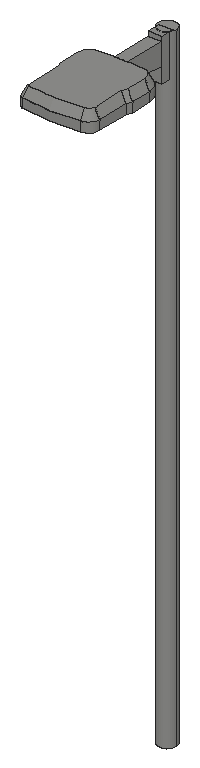
Revit family "VP-1_A_U", category Lighting Fixtures, host Face, Revit 2019
Family settings
  Host = Face
  Round Connector Dimension = Use Diameter
  Part Type = Normal
  OmniClass Number = 23.80.70.11.14.17
  OmniClass Title = Direct/Indirect
  Cut with Voids When Loaded = No
  Light Source = No
  Shared = Yes
  Room Calculation Point = No
Parameters (values of type "VP-1-A3U")
  Wattage Comments = "97.2W"
  Warranty = "Five year warranty"  # constant formula
  Voltage = 120 V
  URL = "https://www.currentlighting.com/beacon"
  Type Comments = "Lighting Fixture"  # constant formula
  Size1 [instance] = SIZE1-A_U : SIZE1-A_U
  Product Page URL = "https://www.currentlighting.com/outdoor-lighting/viper-area-size-1/9606403"
  Product Documentation Link = "https://cdn.currentlighting.com/site/specsheet/BEA_VIPERSPEC.pdf"
  Power Factor = 0.9
  Pole Radius [instance] = Pole Size / 2  # 1.75"
  Pole Height [instance] = 120.00"
  Name = "Viper Area Size 1"  # constant formula
  Mounting Block Size [instance] = Pole Size - 1.00"  # 2.50"
  Model = "VP-1-A3U"
  Matt Grey = MATT GREY
  Matt Black = Matt Black
  Manufacturer = "Current Lighting"  # constant formula
  Load Classification = Lighting
  Light Output = 6297.00 cd/m²
  Lamp = "LED"  # constant formula
  Grey = Grey
  Glass = Glass
  Pole Size [instance] = 3.50"
  Features = "Featuring two different optical technologies, Micro Strike and Strike Optics, which provide the best distribution patterns for retrofit or new construction\r\nVibration rated for high vibration applications including bridges and overpasses\r\nControl options including photo control, occupancy sensing, NX Lighting Controls, wiSCAPE and 7-Pin with networked controls\r\nMounting options include: Arm, Universal Arm, Adjustable Arm, Mast Arm, Decorative Arm, Knuckle, Trunnion, Wall\r\nDistribution options include: Auto Front Row, Type 2, Type 3, Type 4 Forward, Type 4 Wide, Type 5 Narrow, Type 5 Medium, Type 5 Wide, Type 5 Rectangular, Corner Optic, and Tennis Court\r\n\r\n"  # constant formula
  Copyright = "© 2022 Current Lighting"  # constant formula
  Cool Grey = Cool Grey
  Contact Us = "https://www.currentlighting.com/contact-us"
  Certification = "UL"  # constant formula
  Description = "The Viper is an extremely versatile area/site luminaire which blends design, performance, and technology for a variety of applications."  # constant formula
  Default Elevation = 48.00"
  Finish = Arctic White
  Matt White = Matt White
  CRI = "70"  # constant formula
  Brand = "Beacon"  # constant formula
  Assembly Code = "D5020200"
  Apparent Load = 97.2 VA
Types (4): name | Pole Radius | Mounting Block Size | Model | Pole Size
  (no name) | 1.75" | 2.50" | "VP-1-A3U" | 3.50"
  VP-1-A3U | 1.75" | 2.50" | "VP-1-A3U" | 3.50"
  VP-1-A4U | 2.09" | 3.18" | "VP-1-A4U" | 4.18"
  VP-1-A5U | 2.75" | 4.50" | "VP-1-A5U" | 5.50"
Reference planes (in)
  plane 1 "Center (Front/Back)": y = 6.16697
  plane 2: z = 0
  plane 3 "Center (Left/Right)": x = 0
  plane 4: z = 3.75
  plane 5: z = -4.44
  plane 6: x = -1.75
  plane 7: x = 1.75
  plane 8: y = 4.41697
  plane 9: y = 7.91697
  plane 10: z = 120
Forms (in)
  Extrusion 1, solid, material "Cool Grey" <- "Cool Grey"
    sketch origin (0, 0, 0) x (1, 0, 0) y (0, 1, 0)
      loop
        circle (0, 6.16697) r 1.75
    from 0 to 120
Lines and regions (in)
  reference lines
    curve 1: line (0, 14.42606, -3.25) -> (0, 17.42606, -0.25)
    curve 2: line (0, -2.09213, -3.25) -> (0, 14.42606, -3.25)
    curve 3: line (0, -5.09213, -0.25) -> (0, -2.09213, -3.25)
    curve 4: line (0, 14.42606, -3.25) -> (0, 17.42606, -0.25)
    curve 5: line (0, -5.09213, -0.25) -> (0, 17.42606, -0.25)
    curve 6: line (0, 17.17606, -0.77432) -> (0, 17.92606, -0.77432)
    curve 7: line (0, 17.17606, -1.52432) -> (0, 17.17606, -0.77432)
    curve 8: line (0, 16.69614, -1.52432) -> (0, 17.17606, -1.52432)
    curve 9: line (0, 14.92606, -4.25) -> (0, 16.69614, -1.52432)
    curve 10: line (0, -4.3622, -1.52432) -> (0, -2.59213, -4.25)
    curve 11: line (0, -4.84213, -1.52432) -> (0, -4.3622, -1.52432)
    curve 12: line (0, -4.84213, -0.77432) -> (0, -4.84213, -1.52432)
    curve 13: line (0, -5.59213, -0.77432) -> (0, -4.84213, -0.77432)
Dimensions and locks (in)
  plane 4 to plane 2 = 3.75"
  "Pole Size": plane 8 to plane 9
  equal spacing: plane 8, plane 1 "Center (Front/Back)", plane 9
  equal spacing: plane 6, plane 3 "Center (Left/Right)", plane 7
  "Pole Size": plane 6 to plane 7
  "Pole Height": plane 10 to plane 2
  "Pole Radius": radius of Extrusion 1 sketch curve
  aligned and locked: plane 2 to host face
  aligned and locked: level to host face
  aligned and locked: plane 10 to Extrusion 1
  aligned and locked: plane 3 "Center (Left/Right)" to nested 1
  aligned and locked: plane 10 to nested 1
Automatic sketch dimensions
  host sketch curve to host sketch curve = 96.00"
  host sketch curve to host sketch curve = 85.00"
  curve 3 to level = 0.25"
  plane 8 to curve 3 = 9.50909"
  curve 3 to curve 12 = 0.25"
  curve 11 to curve 11 = 0.47992"
  curve 2 to plane 5 = 1.19"
  curve 10 to curve 2 = 2.27008"
  curve 1 to plane 9 = 6.50909"
  curve 9 to level = 1.52432"
  curve 1 to curve 9 = 2.27008"
  curve 8 to curve 8 = 0.47992"
  curve 6 to curve 4 = 0.25"
  curve 10 to curve 3 = 1.27432"
  curve 7 to curve 1 = 0.52432"
  curve 12 to curve 3 = 0.52432"
  curve 13 to curve 3 = 0.50"
  curve 10 to plane 5 = 0.19"
  curve 10 to curve 2 = 0.50"
  curve 9 to plane 5 = 0.19"
  curve 1 to curve 9 = 0.50"
  curve 1 to curve 6 = 0.50"
  plane 1 "Center (Front/Back)" to Extrusion 1 sketch curve = 0.00"
  Extrusion 1 sketch curve to plane 3 "Center (Left/Right)" = 0.00"
Nested families (in)
  nested 1: "SIZE1-A_U" at (0, 4.41697, 117.432) x (1, 0, 0) z (0, -1, 0), type <- "Size1", Mounting Block Width <- "Mounting Block Size", type "SIZE1-A_U"
    with Mounting Block Width 2.50"
Connectors (in)
  electrical at (0, 6.16697, 0), driven by "Power Factor", driven by "Apparent Load", driven by "Voltage"
    settings: on Extrusion 1, index 1, voltage 120 V, apparent load 97.2 VA, apparent load phase1 0 VA, apparent load phase2 0 VA, apparent load phase3 0 VA, power factor 0.9, load classification "Other", number of poles 1, system type 30, power factor state 1, is connector primary yes, connector utility no, sub classification motor no, connector description "Light Fixture"
Definition of nested family "SIZE1-A_U"
  Parameters (values of type "SIZE1-ASQU")
    Width = 14.38"
    Wattage = 97.2 W
    built-in parameter 1150110 = 1 (stored number, unit not read)
    built-in parameter 1114217 = 1 (stored number, unit not read)
    Tilt Angle = 160.00°
    built-in parameter 1150109 = 1 (stored number, unit not read)
    built-in parameter 1150134 = 3
    built-in parameter 1150113 = 1 (stored number, unit not read)
    Photometric Web File = "VP-1-160L-100-3K7-4W-BC.ies"
    Mounting Block Width [instance] = 3.00"
    Mount Length = 8.30"
    built-in parameter 1150105 = 502.77 (stored number, unit not read)
    Lumens = 6318 lm
    built-in parameter 1150115 = 1 (stored number, unit not read)
    built-in parameter 1150137 = (empty or 0)
    built-in parameter 1150139 = (empty or 0)
    Length = 16.76"
    built-in parameter 1150112 = 1 (stored number, unit not read)
    built-in parameter 1150114 = 1 (stored number, unit not read)
    built-in parameter 1150132 = (empty or 0)
    built-in parameter 1150102 = (empty or 0)
    built-in parameter 1150107 = 3200 (stored number, unit not read)
    built-in parameter 1150138 = (empty or 0)
    built-in parameter 1150106 = 5.0277 (stored number, unit not read)
    Glass = none
    Fixture = none
    built-in parameter 1150104 = 6.0387 (stored number, unit not read)
    Dimming Lamp Color Temperature Shift = (empty or 0)
    Default Elevation = 48.00"
    Color Filter = 16777215
    built-in parameter 1114218 = 1 (stored number, unit not read)
    built-in parameter 1150133 = 10 (stored number, unit not read)
  Reference planes (in)
    plane 1 "Center (Front/Back)": y = 0
    plane 2: z = 0
    plane 3 "Center (Left/Right)": x = 0
    plane 4: x = 7.19
    plane 5: x = -7.19
    plane 6: z = 8.3
    plane 7: z = 25.06
    plane 8: y = -1.74
    plane 9: y = 1.74
    plane 10: x = -1.5
    plane 11: x = 1.5
  Forms (in)
    Extrusion 1, solid
      sketch origin (0, 0, 0) x (1, 0, 0) y (0, 1, 0)
        loop
          line (-48, 48) -> (-48, -48) -> (48, -48) -> (48, 48) -> (-48, 48)
      from 0 to -12
    Extrusion 2, solid, material <- "Fixture"
      sketch origin (0, 0, 0) x (1, 0, 0) y (0, 0, 1)
        loop
          line (-6.90972, 16.52202) -> (-7.315, 15.47799) -> (-7.315, 11.44521)
          arc (-7.315, 11.44521) -> (-6.65907, 9.48733) -> (-4.95604, 8.31974) r 3.25
          arc (-4.95604, 8.31974) -> (0, 7.81429) -> (4.95604, 8.31974) r 24.55009
          arc (4.95604, 8.31974) -> (6.65907, 9.48733) -> (7.315, 11.44521) r 3.25
          line (7.315, 11.44521) -> (7.315, 15.47799) -> (6.8775, 16.60502) -> (6.8775, 22.64879)
          arc (6.8775, 22.64879) -> (6.32022, 24.03392) -> (4.95893, 24.64714) r 2
          arc (4.95893, 24.64714) -> (-0.50555, 25.00726) -> (-5.96128, 24.53274) r 35.92956
          arc (-5.96128, 24.53274) -> (-6.64447, 24.08958) -> (-6.90972, 23.31966) r 1.25
          line (-6.90972, 23.31966) -> (-6.90972, 16.52202)
      from 0 to 1.74
    Extrusion 3, solid, material <- "Fixture"
      sketch origin (0, 0, 0) x (0, 1, 0) y (0, 0, 1)
        loop
          line (1.74, 8.93918) -> (-1.6273, 8.93918) -> (-2.86955, -1.406) -> (1.74, -1.406) -> (1.74, 8.93918)
      from -1.24 to 1.24
    Extrusion 4, void
      sketch origin (0, 0, 0) x (1, 0, 0) y (0, 0, 1)
        loop
          arc (-5.91108, 15.93931) -> (0.07703, 16.26105) -> (6.065, 15.93674) r 55.66285
          line (6.065, 15.93674) -> (6.065, 22.74182) -> (-5.91108, 22.74182) -> (-5.91108, 15.93931)
      from 1 to 1.75
    Extrusion 5, solid, material <- "Glass"
      sketch origin (0, 0, -0.25) x (1, 0, 0) y (0, 0, 1)
        loop
          arc (-5.06487, 22.74182) -> (-5.31236, 22.63931) -> (-5.41487, 22.39182) r 0.35
          line (-5.41487, 22.39182) -> (-5.41487, 17.34182)
          arc (-5.41487, 17.34182) -> (-5.31236, 17.09434) -> (-5.06487, 16.99182) r 0.35
          line (-5.06487, 16.99182) -> (5.11803, 16.99182)
          arc (5.11803, 16.99182) -> (5.36552, 17.09434) -> (5.46803, 17.34182) r 0.35
          line (5.46803, 17.34182) -> (5.46803, 22.39182)
          arc (5.46803, 22.39182) -> (5.36552, 22.63931) -> (5.11803, 22.74182) r 0.35
          line (5.11803, 22.74182) -> (-5.06487, 22.74182)
      from 1 to 1.35
    Extrusion 6, solid, material <- "Glass"
      sketch origin (0, 0, -0.25) x (1, 0, 0) y (0, 0, 1)
        loop
          circle (-4.85829, 21.91694) r 0.15
        loop
          circle (-4.33955, 21.91694) r 0.15
        loop
          circle (-3.8208, 21.91694) r 0.15
        loop
          circle (-3.30205, 21.91694) r 0.15
        loop
          circle (-2.7833, 21.91694) r 0.15
        loop
          circle (-2.26455, 21.91694) r 0.15
        loop
          circle (-1.7458, 21.91694) r 0.15
        loop
          circle (-1.22705, 21.91694) r 0.15
        loop
          circle (-0.70831, 21.91694) r 0.15
        loop
          circle (-4.85829, 21.41694) r 0.15
        loop
          circle (-4.33955, 21.41694) r 0.15
        loop
          circle (-3.8208, 21.41694) r 0.15
        loop
          circle (-3.30205, 21.41694) r 0.15
        loop
          circle (-2.7833, 21.41694) r 0.15
        loop
          circle (-2.26455, 21.41694) r 0.15
        loop
          circle (-1.7458, 21.41694) r 0.15
        loop
          circle (-1.22705, 21.41694) r 0.15
        loop
          circle (-0.70831, 21.41694) r 0.15
        loop
          circle (-4.85829, 20.91694) r 0.15
        loop
          circle (-4.33955, 20.91694) r 0.15
        loop
          circle (-3.8208, 20.91694) r 0.15
        loop
          circle (-3.30205, 20.91694) r 0.15
        loop
          circle (-2.7833, 20.91694) r 0.15
        loop
          circle (-2.26455, 20.91694) r 0.15
        loop
          circle (-1.7458, 20.91694) r 0.15
        loop
          circle (-1.22705, 20.91694) r 0.15
        loop
          circle (-0.70831, 20.91694) r 0.15
        loop
          circle (-4.85829, 20.41694) r 0.15
        loop
          circle (-4.33955, 20.41694) r 0.15
        loop
          circle (-3.8208, 20.41694) r 0.15
        loop
          circle (-3.30205, 20.41694) r 0.15
        loop
          circle (-2.7833, 20.41694) r 0.15
        loop
          circle (-2.26455, 20.41694) r 0.15
        loop
          circle (-1.7458, 20.41694) r 0.15
        loop
          circle (-1.22705, 20.41694) r 0.15
        loop
          circle (-0.70831, 20.41694) r 0.15
        loop
          circle (-4.85829, 19.91694) r 0.15
        loop
          circle (-4.33955, 19.91694) r 0.15
        loop
          circle (-3.8208, 19.91694) r 0.15
        loop
          circle (-3.30205, 19.91694) r 0.15
        loop
          circle (-2.7833, 19.91694) r 0.15
        loop
          circle (-2.26455, 19.91694) r 0.15
        loop
          circle (-1.7458, 19.91694) r 0.15
        loop
          circle (-1.22705, 19.91694) r 0.15
        loop
          circle (-0.70831, 19.91694) r 0.15
        loop
          circle (-4.85829, 19.41694) r 0.15
        loop
          circle (-4.33955, 19.41694) r 0.15
        loop
          circle (-3.8208, 19.41694) r 0.15
        loop
          circle (-3.30205, 19.41694) r 0.15
        loop
          circle (-2.7833, 19.41694) r 0.15
        loop
          circle (-2.26455, 19.41694) r 0.15
        loop
          circle (-1.7458, 19.41694) r 0.15
        loop
          circle (-1.22705, 19.41694) r 0.15
        loop
          circle (-0.70831, 19.41694) r 0.15
        loop
          circle (-4.85829, 18.91694) r 0.15
        loop
          circle (-4.33955, 18.91694) r 0.15
        loop
          circle (-3.8208, 18.91694) r 0.15
        loop
          circle (-3.30205, 18.91694) r 0.15
        loop
          circle (-2.7833, 18.91694) r 0.15
        loop
          circle (-2.26455, 18.91694) r 0.15
        loop
          circle (-1.7458, 18.91694) r 0.15
        loop
          circle (-1.22705, 18.91694) r 0.15
        loop
          circle (-0.70831, 18.91694) r 0.15
        loop
          circle (-4.85829, 18.41694) r 0.15
        loop
          circle (-4.33955, 18.41694) r 0.15
        loop
          circle (-3.8208, 18.41694) r 0.15
        loop
          circle (-3.30205, 18.41694) r 0.15
        loop
          circle (-2.7833, 18.41694) r 0.15
        loop
          circle (-2.26455, 18.41694) r 0.15
        loop
          circle (-1.7458, 18.41694) r 0.15
        loop
          circle (-1.22705, 18.41694) r 0.15
        loop
          circle (-0.70831, 18.41694) r 0.15
        loop
          circle (-4.85829, 17.91694) r 0.15
        loop
          circle (-4.33955, 17.91694) r 0.15
        loop
          circle (-3.8208, 17.91694) r 0.15
        loop
          circle (-3.30205, 17.91694) r 0.15
        loop
          circle (-2.7833, 17.91694) r 0.15
        loop
          circle (-2.26455, 17.91694) r 0.15
        loop
          circle (-1.7458, 17.91694) r 0.15
        loop
          circle (-1.22705, 17.91694) r 0.15
        loop
          circle (-0.70831, 17.91694) r 0.15
      from 1.35 to 1.4
    Extrusion 7, solid, material <- "Glass"
      sketch origin (0, 0, -0.25) x (-1, 0, 0) y (0, 0, -1)
        loop
          circle (-4.85829, -21.91694) r 0.15
        loop
          circle (-4.33955, -21.91694) r 0.15
        loop
          circle (-3.8208, -21.91694) r 0.15
        loop
          circle (-3.30205, -21.91694) r 0.15
        loop
          circle (-2.7833, -21.91694) r 0.15
        loop
          circle (-2.26455, -21.91694) r 0.15
        loop
          circle (-1.7458, -21.91694) r 0.15
        loop
          circle (-1.22705, -21.91694) r 0.15
        loop
          circle (-0.70831, -21.91694) r 0.15
        loop
          circle (-4.85829, -21.41694) r 0.15
        loop
          circle (-4.33955, -21.41694) r 0.15
        loop
          circle (-3.8208, -21.41694) r 0.15
        loop
          circle (-3.30205, -21.41694) r 0.15
        loop
          circle (-2.7833, -21.41694) r 0.15
        loop
          circle (-2.26455, -21.41694) r 0.15
        loop
          circle (-1.7458, -21.41694) r 0.15
        loop
          circle (-1.22705, -21.41694) r 0.15
        loop
          circle (-0.70831, -21.41694) r 0.15
        loop
          circle (-4.85829, -20.91694) r 0.15
        loop
          circle (-4.33955, -20.91694) r 0.15
        loop
          circle (-3.8208, -20.91694) r 0.15
        loop
          circle (-3.30205, -20.91694) r 0.15
        loop
          circle (-2.7833, -20.91694) r 0.15
        loop
          circle (-2.26455, -20.91694) r 0.15
        loop
          circle (-1.7458, -20.91694) r 0.15
        loop
          circle (-1.22705, -20.91694) r 0.15
        loop
          circle (-0.70831, -20.91694) r 0.15
        loop
          circle (-4.85829, -20.41694) r 0.15
        loop
          circle (-4.33955, -20.41694) r 0.15
        loop
          circle (-3.8208, -20.41694) r 0.15
        loop
          circle (-3.30205, -20.41694) r 0.15
        loop
          circle (-2.7833, -20.41694) r 0.15
        loop
          circle (-2.26455, -20.41694) r 0.15
        loop
          circle (-1.7458, -20.41694) r 0.15
        loop
          circle (-1.22705, -20.41694) r 0.15
        loop
          circle (-0.70831, -20.41694) r 0.15
        loop
          circle (-4.85829, -19.91694) r 0.15
        loop
          circle (-4.33955, -19.91694) r 0.15
        loop
          circle (-3.8208, -19.91694) r 0.15
        loop
          circle (-3.30205, -19.91694) r 0.15
        loop
          circle (-2.7833, -19.91694) r 0.15
        loop
          circle (-2.26455, -19.91694) r 0.15
        loop
          circle (-1.7458, -19.91694) r 0.15
        loop
          circle (-1.22705, -19.91694) r 0.15
        loop
          circle (-0.70831, -19.91694) r 0.15
        loop
          circle (-4.85829, -19.41694) r 0.15
        loop
          circle (-4.33955, -19.41694) r 0.15
        loop
          circle (-3.8208, -19.41694) r 0.15
        loop
          circle (-3.30205, -19.41694) r 0.15
        loop
          circle (-2.7833, -19.41694) r 0.15
        loop
          circle (-2.26455, -19.41694) r 0.15
        loop
          circle (-1.7458, -19.41694) r 0.15
        loop
          circle (-1.22705, -19.41694) r 0.15
        loop
          circle (-0.70831, -19.41694) r 0.15
        loop
          circle (-4.85829, -18.91694) r 0.15
        loop
          circle (-4.33955, -18.91694) r 0.15
        loop
          circle (-3.8208, -18.91694) r 0.15
        loop
          circle (-3.30205, -18.91694) r 0.15
        loop
          circle (-2.7833, -18.91694) r 0.15
        loop
          circle (-2.26455, -18.91694) r 0.15
        loop
          circle (-1.7458, -18.91694) r 0.15
        loop
          circle (-1.22705, -18.91694) r 0.15
        loop
          circle (-0.70831, -18.91694) r 0.15
        loop
          circle (-4.85829, -18.41694) r 0.15
        loop
          circle (-4.33955, -18.41694) r 0.15
        loop
          circle (-3.8208, -18.41694) r 0.15
        loop
          circle (-3.30205, -18.41694) r 0.15
        loop
          circle (-2.7833, -18.41694) r 0.15
        loop
          circle (-2.26455, -18.41694) r 0.15
        loop
          circle (-1.7458, -18.41694) r 0.15
        loop
          circle (-1.22705, -18.41694) r 0.15
        loop
          circle (-0.70831, -18.41694) r 0.15
        loop
          circle (-4.85829, -17.91694) r 0.15
        loop
          circle (-4.33955, -17.91694) r 0.15
        loop
          circle (-3.8208, -17.91694) r 0.15
        loop
          circle (-3.30205, -17.91694) r 0.15
        loop
          circle (-2.7833, -17.91694) r 0.15
        loop
          circle (-2.26455, -17.91694) r 0.15
        loop
          circle (-1.7458, -17.91694) r 0.15
        loop
          circle (-1.22705, -17.91694) r 0.15
        loop
          circle (-0.70831, -17.91694) r 0.15
      from 1.35 to 1.4
    Extrusion 8, solid, material <- "Glass"
      sketch origin (0, 0, -0.25) x (1, 0, 0) y (0, 0, 1)
        loop
          arc (-5.04655, 22.4209) -> (-5.22333, 22.34768) -> (-5.29655, 22.1709) r 0.25
          line (-5.29655, 22.1709) -> (-5.29655, 17.6709)
          arc (-5.29655, 17.6709) -> (-5.22333, 17.49412) -> (-5.04655, 17.4209) r 0.25
          line (-5.04655, 17.4209) -> (-0.54655, 17.4209)
          arc (-0.54655, 17.4209) -> (-0.36977, 17.49412) -> (-0.29655, 17.6709) r 0.25
          line (-0.29655, 17.6709) -> (-0.29655, 22.1709)
          arc (-0.29655, 22.1709) -> (-0.36977, 22.34768) -> (-0.54655, 22.4209) r 0.25
          line (-0.54655, 22.4209) -> (-5.04655, 22.4209)
      from 1.35 to 1.37213
    Extrusion 9, solid, material <- "Glass"
      sketch origin (0, 0, -0.25) x (-1, 0, 0) y (0, 0, -1)
        loop
          line (-5.04655, -22.4209) -> (-0.54655, -22.4209)
          arc (-0.54655, -22.4209) -> (-0.36977, -22.34768) -> (-0.29655, -22.1709) r 0.25
          line (-0.29655, -22.1709) -> (-0.29655, -17.6709)
          arc (-0.29655, -17.6709) -> (-0.36977, -17.49412) -> (-0.54655, -17.4209) r 0.25
          line (-0.54655, -17.4209) -> (-5.04655, -17.4209)
          arc (-5.04655, -17.4209) -> (-5.22333, -17.49412) -> (-5.29655, -17.6709) r 0.25
          line (-5.29655, -17.6709) -> (-5.29655, -22.1709)
          arc (-5.29655, -22.1709) -> (-5.22333, -22.34768) -> (-5.04655, -22.4209) r 0.25
      from 1.35 to 1.37213
    Extrusion 10, solid, material <- "Fixture"
      sketch origin (0.125, 0, 2.75) x (1, 0, 0) y (0, 1, 0)
        loop
          line (5.34818, -1) -> (5.34818, -1.20146)
          arc (5.34818, -1.20146) -> (5.35492, -1.23973) -> (5.37436, -1.27339) r 0.1119
          line (5.37436, -1.27339) -> (5.73492, -1.70309)
          arc (5.73492, -1.70309) -> (5.76289, -1.72455) -> (5.79732, -1.73219) r 0.08147
          line (5.79732, -1.73219) -> (5.94, -1.73219) -> (5.94, -1) -> (5.34818, -1)
      from 18.55 to 18.65
    Extrusion 11, solid, material <- "Fixture"
      sketch origin (0.125, 0, 1.84761) x (1, 0, 0) y (0, 1, 0)
        loop
          line (5.34818, -1) -> (5.34818, -1.20146)
          arc (5.34818, -1.20146) -> (5.35492, -1.23973) -> (5.37436, -1.27339) r 0.1119
          line (5.37436, -1.27339) -> (5.73492, -1.70309)
          arc (5.73492, -1.70309) -> (5.76289, -1.72455) -> (5.79732, -1.73219) r 0.08147
          line (5.79732, -1.73219) -> (5.94, -1.73219) -> (5.94, -1) -> (5.34818, -1)
      from 18.55 to 18.65
    Extrusion 12, solid, material <- "Fixture"
      sketch origin (0.125, 0, 0.95579) x (1, 0, 0) y (0, 1, 0)
        loop
          line (5.34818, -1) -> (5.34818, -1.20146)
          arc (5.34818, -1.20146) -> (5.35492, -1.23973) -> (5.37436, -1.27339) r 0.1119
          line (5.37436, -1.27339) -> (5.73492, -1.70309)
          arc (5.73492, -1.70309) -> (5.76289, -1.72455) -> (5.79732, -1.73219) r 0.08147
          line (5.79732, -1.73219) -> (5.94, -1.73219) -> (5.94, -1) -> (5.34818, -1)
      from 18.55 to 18.65
    Extrusion 13, solid, material <- "Fixture"
      sketch origin (0.125, 0, 0.06397) x (1, 0, 0) y (0, 1, 0)
        loop
          line (5.34818, -1) -> (5.34818, -1.20146)
          arc (5.34818, -1.20146) -> (5.35492, -1.23973) -> (5.37436, -1.27339) r 0.1119
          line (5.37436, -1.27339) -> (5.73492, -1.70309)
          arc (5.73492, -1.70309) -> (5.76289, -1.72455) -> (5.79732, -1.73219) r 0.08147
          line (5.79732, -1.73219) -> (5.94, -1.73219) -> (5.94, -1) -> (5.34818, -1)
      from 18.55 to 18.65
    Extrusion 14, solid, material <- "Fixture"
      sketch origin (0.125, 0, -0.82681) x (1, 0, 0) y (0, 1, 0)
        loop
          line (5.34818, -1) -> (5.34818, -1.20146)
          arc (5.34818, -1.20146) -> (5.35492, -1.23973) -> (5.37436, -1.27339) r 0.1119
          line (5.37436, -1.27339) -> (5.73492, -1.70309)
          arc (5.73492, -1.70309) -> (5.76289, -1.72455) -> (5.79732, -1.73219) r 0.08147
          line (5.79732, -1.73219) -> (5.94, -1.73219) -> (5.94, -1) -> (5.34818, -1)
      from 18.55 to 18.65
    Extrusion 15, solid, material <- "Fixture"
      sketch origin (0, 0, 2.75) x (-1, 0, 0) y (0, -1, 0)
        loop
          line (5.34818, 1) -> (5.94, 1) -> (5.94, 1.73219) -> (5.79732, 1.73219)
          arc (5.79732, 1.73219) -> (5.76289, 1.72455) -> (5.73492, 1.70309) r 0.08147
          line (5.73492, 1.70309) -> (5.37436, 1.27339)
          arc (5.37436, 1.27339) -> (5.35492, 1.23973) -> (5.34818, 1.20146) r 0.1119
          line (5.34818, 1.20146) -> (5.34818, 1)
      from 18.55 to 18.65
    Extrusion 16, solid, material <- "Fixture"
      sketch origin (0, 0, 1.84761) x (-1, 0, 0) y (0, -1, 0)
        loop
          line (5.34818, 1) -> (5.94, 1) -> (5.94, 1.73219) -> (5.79732, 1.73219)
          arc (5.79732, 1.73219) -> (5.76289, 1.72455) -> (5.73492, 1.70309) r 0.08147
          line (5.73492, 1.70309) -> (5.37436, 1.27339)
          arc (5.37436, 1.27339) -> (5.35492, 1.23973) -> (5.34818, 1.20146) r 0.1119
          line (5.34818, 1.20146) -> (5.34818, 1)
      from 18.55 to 18.65
    Extrusion 17, solid, material <- "Fixture"
      sketch origin (0, 0, 0.95579) x (-1, 0, 0) y (0, -1, 0)
        loop
          line (5.34818, 1) -> (5.94, 1) -> (5.94, 1.73219) -> (5.79732, 1.73219)
          arc (5.79732, 1.73219) -> (5.76289, 1.72455) -> (5.73492, 1.70309) r 0.08147
          line (5.73492, 1.70309) -> (5.37436, 1.27339)
          arc (5.37436, 1.27339) -> (5.35492, 1.23973) -> (5.34818, 1.20146) r 0.1119
          line (5.34818, 1.20146) -> (5.34818, 1)
      from 18.55 to 18.65
    Extrusion 18, solid, material <- "Fixture"
      sketch origin (0, 0, 0.06397) x (-1, 0, 0) y (0, -1, 0)
        loop
          line (5.34818, 1) -> (5.94, 1) -> (5.94, 1.73219) -> (5.79732, 1.73219)
          arc (5.79732, 1.73219) -> (5.76289, 1.72455) -> (5.73492, 1.70309) r 0.08147
          line (5.73492, 1.70309) -> (5.37436, 1.27339)
          arc (5.37436, 1.27339) -> (5.35492, 1.23973) -> (5.34818, 1.20146) r 0.1119
          line (5.34818, 1.20146) -> (5.34818, 1)
      from 18.55 to 18.65
    Extrusion 19, solid, material <- "Fixture"
      sketch origin (0, 0, -0.82681) x (-1, 0, 0) y (0, -1, 0)
        loop
          line (5.34818, 1) -> (5.94, 1) -> (5.94, 1.73219) -> (5.79732, 1.73219)
          arc (5.79732, 1.73219) -> (5.76289, 1.72455) -> (5.73492, 1.70309) r 0.08147
          line (5.73492, 1.70309) -> (5.37436, 1.27339)
          arc (5.37436, 1.27339) -> (5.35492, 1.23973) -> (5.34818, 1.20146) r 0.1119
          line (5.34818, 1.20146) -> (5.34818, 1)
      from 18.55 to 18.65
    Extrusion 20, void
      sketch origin (0.16486, 0, 5.1993) x (1, 0, 0) y (0, 0, 1)
        loop
          line (-5.94707, 9.88637) -> (-5.94707, 8.88637)
          arc (-5.94707, 8.88637) -> (-0.00354, 7.88584) -> (5.94, 8.88637) r 18.15382
          line (5.94, 8.88637) -> (5.94, 9.88637)
          arc (5.94, 9.88637) -> (-0.00354, 8.88584) -> (-5.94707, 9.88637) r 18.15382
        loop
          line (-5.85535, 7.87828) -> (-5.85535, 7.60486)
          arc (-5.85535, 7.60486) -> (0.0002, 6.63584) -> (5.85535, 7.60727) r 18.15382
          line (5.85535, 7.60727) -> (5.85535, 7.88068)
          arc (5.85535, 7.88068) -> (0.0002, 6.91466) -> (-5.85535, 7.87828) r 18.25
        loop
          line (-5.85535, 7.12828) -> (-5.85535, 6.85486)
          arc (-5.85535, 6.85486) -> (0.0002, 5.88584) -> (5.85535, 6.85727) r 18.15382
          line (5.85535, 6.85727) -> (5.85535, 7.13068)
          arc (5.85535, 7.13068) -> (0.0002, 6.16466) -> (-5.85535, 7.12828) r 18.25
      from 1 to 1.75
    Blend 21, solid, material <- "Fixture"
      base sketch origin (0, 0, 0) x (1, 0, 0) y (0, 0, 1)
        loop
          arc (6.8775, 22.64879) -> (6.31798, 24.03624) -> (4.95249, 24.64739) r 2
          arc (4.95249, 24.64739) -> (-0.51269, 25.00653) -> (-5.96896, 24.53081) r 35.9289
          arc (-5.96896, 24.53081) -> (-6.6469, 24.08646) -> (-6.90972, 23.31966) r 1.25
          line (-6.90972, 23.31966) -> (-6.90972, 16.52202) -> (-7.315, 15.47799) -> (-7.315, 11.44521)
          arc (-7.315, 11.44521) -> (-6.65907, 9.48733) -> (-4.95604, 8.31974) r 3.25
          arc (-4.95604, 8.31974) -> (0, 7.81429) -> (4.95604, 8.31974) r 24.55009
          arc (4.95604, 8.31974) -> (6.65907, 9.48733) -> (7.315, 11.44521) r 3.25
          line (7.315, 11.44521) -> (7.315, 15.47799) -> (6.8775, 16.60502) -> (6.8775, 22.64879)
      top sketch origin (0, 0, 0) x (1, 0, 0) y (0, 0, 1)
        loop
          arc (5.8775, 22.64879) -> (5.59173, 23.34871) -> (4.89775, 23.64859) r 1
          arc (4.89775, 23.64859) -> (-0.41657, 24.011) -> (-5.72421, 23.5612) r 34.93251
          arc (-5.72421, 23.5612) -> (-5.85799, 23.47194) -> (-5.90972, 23.31966) r 0.25
          line (-5.90972, 23.31966) -> (-5.90972, 16.33474) -> (-6.315, 15.29071) -> (-6.315, 11.44521)
          arc (-6.315, 11.44521) -> (-5.87115, 10.10345) -> (-4.71471, 9.29106) r 2.25
          arc (-4.71471, 9.29106) -> (0, 8.81429) -> (4.71471, 9.29106) r 23.55009
          arc (4.71471, 9.29106) -> (5.87115, 10.10345) -> (6.315, 11.44521) r 2.25
          line (6.315, 11.44521) -> (6.315, 15.29071) -> (5.8775, 16.41774) -> (5.8775, 22.64879)
      from 0 to -1.74
    Extrusion 22, solid, material <- "Fixture"
      sketch origin (0, 0, 0) x (1, 0, 0) y (0, 1, 0)
        loop
          line (-1.5, 2.568) -> (-1.5, -5.432) -> (1.5, -5.432) -> (1.5, 2.568) -> (-1.5, 2.568)
      from -1.406 to 1.12478
  Cuts and joins
    Extrusion 4, Extrusion 20 cuts Extrusion 2
    Extrusion 4, Extrusion 20 cuts Extrusion 3
    joined: Extrusion 2, Extrusion 3
  Dimensions and locks (in)
    equal spacing: plane 4, plane 3 "Center (Left/Right)", plane 5
    "Width": plane 4 to plane 5
    "Length": plane 7 to plane 6
    "Mount Length": plane 6 to plane 2
    equal spacing: plane 10, plane 3 "Center (Left/Right)", plane 11
    "Mounting Block Width": plane 10 to plane 11
    aligned and locked: plane 2 to Extrusion 1
    aligned and locked: level to Extrusion 1
    aligned and locked: Extrusion 22 to plane 10
    aligned and locked: plane 11 to Extrusion 22
  Automatic sketch dimensions
    Extrusion 1 sketch curve to Extrusion 1 sketch curve = 96.00"  (x2)
    Extrusion 2 sketch curve to plane 3 "Center (Left/Right)" = 0.00"
    Extrusion 2 sketch curve to plane 3 "Center (Left/Right)" = 0.12919"
    plane 5 to Extrusion 2 sketch curve = 3.125"
    plane 5 to Extrusion 2 sketch curve = 1.53028"
    plane 5 to Extrusion 2 sketch curve = 0.28028"
    Extrusion 2 sketch curve to plane 5 = 0.125"
    Extrusion 2 sketch curve to plane 4 = 3.125"
    Extrusion 2 sketch curve to plane 4 = 2.3125"
    Extrusion 2 sketch curve to plane 4 = 0.3125"
    plane 4 to Extrusion 2 sketch curve = 0.125"
    Extrusion 2 sketch curve to level = 10.92033"
    plane 6 to Extrusion 2 sketch curve = 3.14521"
    Extrusion 2 sketch curve to Extrusion 2 sketch curve = 0.00"
    Extrusion 2 sketch curve to Extrusion 2 sketch curve = 4.03278"  (x2)
    Extrusion 2 sketch curve to Extrusion 2 sketch curve = 1.04403"
    Extrusion 2 sketch curve to Extrusion 2 sketch curve = 1.12703"
    Extrusion 2 sketch curve to plane 7 = 2.41121"
    Extrusion 2 sketch curve to Extrusion 2 sketch curve = 6.79764"
    plane 7 to Extrusion 2 sketch curve = 7.30438"
    plane 6 to Extrusion 2 sketch curve = 0.01974"
    Extrusion 2 sketch curve to plane 7 = 0.52726"
    Extrusion 3 sketch curve to plane 9 = 0.00"
    Extrusion 3 sketch curve to plane 8 = 0.1127"
    plane 8 to Extrusion 3 sketch curve = 1.12955"
    Extrusion 3 sketch curve to level = 1.406"
    plane 6 to Extrusion 3 sketch curve = 0.63918"
    plane 5 to Extrusion 4 sketch curve = 1.27892"
    plane 3 "Center (Left/Right)" to Extrusion 4 sketch curve = 0.06506"
    Extrusion 4 sketch curve to plane 4 = 1.125"
    Extrusion 4 sketch curve to level = 39.4018"
    plane 6 to Extrusion 4 sketch curve = 7.63674"
    Extrusion 4 sketch curve to plane 7 = 2.31818"
    plane 5 to Extrusion 5 sketch curve = 1.77513"
    Extrusion 5 sketch curve to Extrusion 5 sketch curve = 0.35"  (x3)
    Extrusion 5 sketch curve to plane 4 = 2.07197"  (x2)
    Extrusion 5 sketch curve to plane 7 = 8.31818"
    Extrusion 5 sketch curve to plane 7 = 2.91818"
    plane 5 to Extrusion 6 sketch curve = 2.33171"
    Extrusion 6 sketch curve to Extrusion 6 sketch curve = 0.00"  (x61)
    Extrusion 6 sketch curve to Extrusion 6 sketch curve = 0.51875"  (x27)
    Extrusion 6 sketch curve to plane 7 = 7.39306"
    Extrusion 6 sketch curve to Extrusion 6 sketch curve = 0.50"  (x72)
    plane 4 to Extrusion 7 sketch curve = 2.33171"
    Extrusion 7 sketch curve to Extrusion 7 sketch curve = 0.00"  (x61)
    Extrusion 7 sketch curve to Extrusion 7 sketch curve = 0.51875"  (x27)
    plane 7 to Extrusion 7 sketch curve = 7.39306"
    Extrusion 7 sketch curve to Extrusion 7 sketch curve = 0.50"  (x72)
    plane 5 to Extrusion 8 sketch curve = 1.89345"
    Extrusion 8 sketch curve to Extrusion 8 sketch curve = 0.25"  (x3)
    Extrusion 8 sketch curve to plane 3 "Center (Left/Right)" = 0.54655"  (x2)
    Extrusion 8 sketch curve to plane 7 = 7.8891"
    Extrusion 8 sketch curve to plane 7 = 3.1391"
    plane 4 to Extrusion 9 sketch curve = 1.89345"
    Extrusion 9 sketch curve to Extrusion 9 sketch curve = 0.25"  (x3)
    Extrusion 9 sketch curve to plane 3 "Center (Left/Right)" = 0.54655"  (x2)
    plane 7 to Extrusion 9 sketch curve = 7.8891"
    plane 7 to Extrusion 9 sketch curve = 3.1391"
    Extrusion 10 sketch curve to plane 4 = 1.71682"
    Extrusion 10 sketch curve to plane 8 = 0.46661"
    Extrusion 10 sketch curve to Extrusion 10 sketch curve = 0.02618"
    Extrusion 10 sketch curve to Extrusion 10 sketch curve = 0.1119"
    Extrusion 10 sketch curve to plane 8 = 0.03691"
    Extrusion 10 sketch curve to Extrusion 10 sketch curve = 0.36056"
    Extrusion 10 sketch curve to plane 8 = 0.00781"
    Extrusion 10 sketch curve to Extrusion 10 sketch curve = 0.06241"
    Extrusion 10 sketch curve to Extrusion 10 sketch curve = 0.47992"
    Extrusion 10 sketch curve to Extrusion 10 sketch curve = 0.20146"
    Extrusion 11 sketch curve to plane 4 = 1.71682"
    Extrusion 11 sketch curve to plane 8 = 0.46661"
    Extrusion 11 sketch curve to Extrusion 11 sketch curve = 0.02618"
    Extrusion 11 sketch curve to Extrusion 11 sketch curve = 0.1119"
    Extrusion 11 sketch curve to plane 8 = 0.03691"
    Extrusion 11 sketch curve to Extrusion 11 sketch curve = 0.36056"
    Extrusion 11 sketch curve to plane 8 = 0.00781"
    Extrusion 11 sketch curve to Extrusion 11 sketch curve = 0.06241"
    Extrusion 11 sketch curve to Extrusion 11 sketch curve = 0.47992"
    Extrusion 11 sketch curve to Extrusion 11 sketch curve = 0.20146"
    Extrusion 12 sketch curve to plane 4 = 1.71682"
    Extrusion 12 sketch curve to plane 8 = 0.46661"
    Extrusion 12 sketch curve to Extrusion 12 sketch curve = 0.02618"
    Extrusion 12 sketch curve to Extrusion 12 sketch curve = 0.1119"
    Extrusion 12 sketch curve to plane 8 = 0.03691"
    Extrusion 12 sketch curve to Extrusion 12 sketch curve = 0.36056"
    Extrusion 12 sketch curve to plane 8 = 0.00781"
    Extrusion 12 sketch curve to Extrusion 12 sketch curve = 0.06241"
    Extrusion 12 sketch curve to Extrusion 12 sketch curve = 0.47992"
    Extrusion 12 sketch curve to Extrusion 12 sketch curve = 0.20146"
    Extrusion 13 sketch curve to plane 4 = 1.71682"
    Extrusion 13 sketch curve to plane 8 = 0.46661"
    Extrusion 13 sketch curve to Extrusion 13 sketch curve = 0.02618"
    Extrusion 13 sketch curve to Extrusion 13 sketch curve = 0.1119"
    Extrusion 13 sketch curve to plane 8 = 0.03691"
    Extrusion 13 sketch curve to Extrusion 13 sketch curve = 0.36056"
    Extrusion 13 sketch curve to plane 8 = 0.00781"
    Extrusion 13 sketch curve to Extrusion 13 sketch curve = 0.06241"
    Extrusion 13 sketch curve to Extrusion 13 sketch curve = 0.47992"
    Extrusion 13 sketch curve to Extrusion 13 sketch curve = 0.20146"
    Extrusion 14 sketch curve to plane 4 = 1.71682"
    Extrusion 14 sketch curve to plane 8 = 0.46661"
    Extrusion 14 sketch curve to Extrusion 14 sketch curve = 0.02618"
    Extrusion 14 sketch curve to Extrusion 14 sketch curve = 0.1119"
    Extrusion 14 sketch curve to plane 8 = 0.03691"
    Extrusion 14 sketch curve to Extrusion 14 sketch curve = 0.36056"
    Extrusion 14 sketch curve to plane 8 = 0.00781"
    Extrusion 14 sketch curve to Extrusion 14 sketch curve = 0.06241"
    Extrusion 14 sketch curve to Extrusion 14 sketch curve = 0.47992"
    Extrusion 14 sketch curve to Extrusion 14 sketch curve = 0.20146"
    Extrusion 15 sketch curve to plane 5 = 1.84182"
    plane 8 to Extrusion 15 sketch curve = 0.46661"
    Extrusion 15 sketch curve to Extrusion 15 sketch curve = 0.02618"
    Extrusion 15 sketch curve to Extrusion 15 sketch curve = 0.1119"
    plane 8 to Extrusion 15 sketch curve = 0.03691"
    Extrusion 15 sketch curve to Extrusion 15 sketch curve = 0.36056"
    plane 8 to Extrusion 15 sketch curve = 0.00781"
    Extrusion 15 sketch curve to Extrusion 15 sketch curve = 0.06241"
    Extrusion 15 sketch curve to Extrusion 15 sketch curve = 0.47992"
    Extrusion 15 sketch curve to Extrusion 15 sketch curve = 0.20146"
    plane 5 to Extrusion 16 sketch curve = 1.84182"
    Extrusion 16 sketch curve to plane 8 = 0.46661"
    Extrusion 16 sketch curve to Extrusion 16 sketch curve = 0.02618"
    Extrusion 16 sketch curve to Extrusion 16 sketch curve = 0.1119"
    Extrusion 16 sketch curve to plane 8 = 0.03691"
    Extrusion 16 sketch curve to Extrusion 16 sketch curve = 0.36056"
    Extrusion 16 sketch curve to plane 8 = 0.00781"
    Extrusion 16 sketch curve to Extrusion 16 sketch curve = 0.06241"
    Extrusion 16 sketch curve to Extrusion 16 sketch curve = 0.47992"
    Extrusion 16 sketch curve to Extrusion 16 sketch curve = 0.20146"
    plane 5 to Extrusion 17 sketch curve = 1.84182"
    Extrusion 17 sketch curve to plane 8 = 0.46661"
    Extrusion 17 sketch curve to Extrusion 17 sketch curve = 0.02618"
    Extrusion 17 sketch curve to Extrusion 17 sketch curve = 0.1119"
    Extrusion 17 sketch curve to plane 8 = 0.03691"
    Extrusion 17 sketch curve to Extrusion 17 sketch curve = 0.36056"
    Extrusion 17 sketch curve to plane 8 = 0.00781"
    Extrusion 17 sketch curve to Extrusion 17 sketch curve = 0.06241"
    Extrusion 17 sketch curve to Extrusion 17 sketch curve = 0.47992"
    Extrusion 17 sketch curve to Extrusion 17 sketch curve = 0.20146"
    plane 5 to Extrusion 18 sketch curve = 1.84182"
    Extrusion 18 sketch curve to plane 8 = 0.46661"
    Extrusion 18 sketch curve to Extrusion 18 sketch curve = 0.02618"
    Extrusion 18 sketch curve to Extrusion 18 sketch curve = 0.1119"
    Extrusion 18 sketch curve to plane 8 = 0.03691"
    Extrusion 18 sketch curve to Extrusion 18 sketch curve = 0.36056"
    Extrusion 18 sketch curve to plane 8 = 0.00781"
    Extrusion 18 sketch curve to Extrusion 18 sketch curve = 0.06241"
    Extrusion 18 sketch curve to Extrusion 18 sketch curve = 0.47992"
    Extrusion 18 sketch curve to Extrusion 18 sketch curve = 0.20146"
    plane 5 to Extrusion 19 sketch curve = 1.84182"
    Extrusion 19 sketch curve to plane 8 = 0.46661"
    Extrusion 19 sketch curve to Extrusion 19 sketch curve = 0.02618"
    Extrusion 19 sketch curve to Extrusion 19 sketch curve = 0.1119"
    Extrusion 19 sketch curve to plane 8 = 0.03691"
    Extrusion 19 sketch curve to Extrusion 19 sketch curve = 0.36056"
    Extrusion 19 sketch curve to plane 8 = 0.00781"
    Extrusion 19 sketch curve to Extrusion 19 sketch curve = 0.06241"
    Extrusion 19 sketch curve to Extrusion 19 sketch curve = 0.47992"
    Extrusion 19 sketch curve to Extrusion 19 sketch curve = 0.20146"
    plane 5 to Extrusion 20 sketch curve = 1.40779"
    plane 5 to Extrusion 20 sketch curve = 1.49951"
    Extrusion 20 sketch curve to Extrusion 20 sketch curve = 0.00"  (x2)
    plane 3 "Center (Left/Right)" to Extrusion 20 sketch curve = 0.16132"  (x6)
    Extrusion 20 sketch curve to plane 4 = 1.1698"
    Extrusion 20 sketch curve to plane 4 = 1.08514"
    plane 6 to Extrusion 20 sketch curve = 3.75416"
    Extrusion 20 sketch curve to Extrusion 20 sketch curve = 0.00241"
    Extrusion 20 sketch curve to Extrusion 20 sketch curve = 0.27343"  (x2)
    Extrusion 20 sketch curve to Extrusion 20 sketch curve = 0.27341"  (x2)
    Extrusion 20 sketch curve to Extrusion 20 sketch curve = 0.47657"
    Extrusion 20 sketch curve to Extrusion 20 sketch curve = 0.47659"
    Extrusion 20 sketch curve to Extrusion 20 sketch curve = 1.00808"
    Extrusion 20 sketch curve to Extrusion 20 sketch curve = 1.00"  (x2)
    Extrusion 20 sketch curve to Extrusion 20 sketch curve = 0.875"
    Blend 21 sketch curve to plane 3 "Center (Left/Right)" = 0.00"  (x2)
    Blend 21 sketch curve to plane 3 "Center (Left/Right)" = 0.12919"  (x2)
    plane 5 to Blend 21 sketch curve = 3.125"  (x2)
    plane 5 to Blend 21 sketch curve = 1.53028"  (x2)
    plane 5 to Blend 21 sketch curve = 0.28028"
    Blend 21 sketch curve to plane 5 = 0.125"
    Blend 21 sketch curve to plane 4 = 3.125"  (x2)
    Blend 21 sketch curve to plane 4 = 2.3125"  (x2)
    Blend 21 sketch curve to plane 4 = 0.3125"
    plane 4 to Blend 21 sketch curve = 0.125"
    Blend 21 sketch curve to level = 10.92033"  (x2)
    plane 6 to Blend 21 sketch curve = 3.14521"  (x2)
    Blend 21 sketch curve to Blend 21 sketch curve = 0.00"  (x2)
    Blend 21 sketch curve to Blend 21 sketch curve = 4.03278"  (x2)
    Blend 21 sketch curve to Blend 21 sketch curve = 1.04403"  (x2)
    Blend 21 sketch curve to Blend 21 sketch curve = 1.12703"  (x2)
    Blend 21 sketch curve to plane 7 = 2.41121"  (x2)
    Blend 21 sketch curve to Blend 21 sketch curve = 6.79764"
    plane 7 to Blend 21 sketch curve = 7.30438"  (x2)
    plane 6 to Blend 21 sketch curve = 0.01974"
    Blend 21 sketch curve to plane 7 = 0.52919"
    Blend 21 sketch curve to Blend 21 sketch curve = 0.25"
    plane 5 to Blend 21 sketch curve = 0.875"
    Blend 21 sketch curve to plane 4 = 1.3125"
    Blend 21 sketch curve to plane 4 = 0.875"
    Blend 21 sketch curve to Blend 21 sketch curve = 3.8455"  (x2)
    Blend 21 sketch curve to Blend 21 sketch curve = 6.98493"
    plane 6 to Blend 21 sketch curve = 0.99106"
    Blend 21 sketch curve to Blend 21 sketch curve = 0.06449"
    Extrusion 22 sketch curve to plane 3 "Center (Left/Right)" = 1.50"
    plane 3 "Center (Left/Right)" to Extrusion 22 sketch curve = 1.50"
    plane 8 to Extrusion 22 sketch curve = 3.692"
    Extrusion 22 sketch curve to plane 9 = 0.828"
    radius of Extrusion 6 sketch curve = 0.15"  (x81)
    radius of Extrusion 7 sketch curve = 0.15"  (x81)
